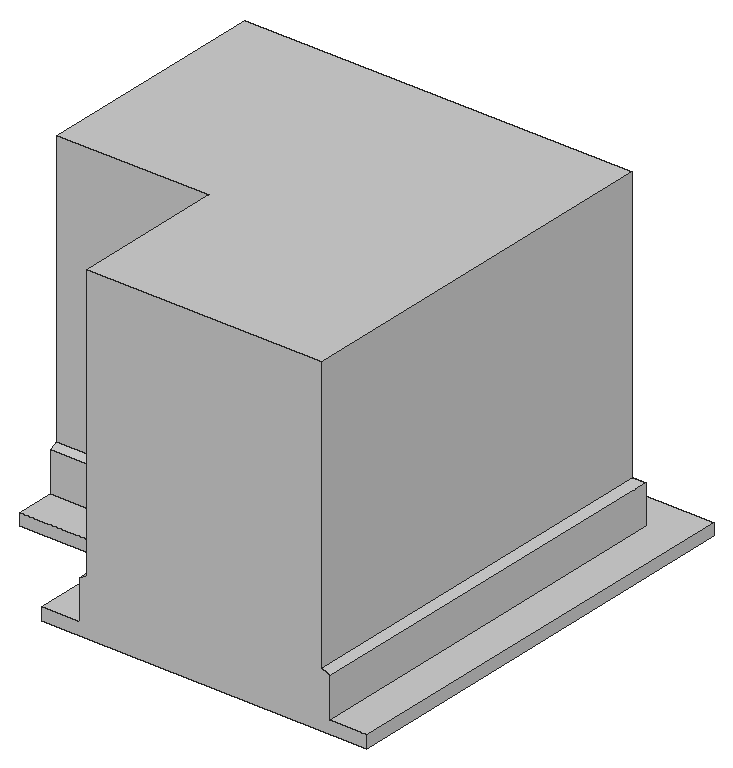
Revit family "LAMP_FIL ACC RECESSED 90º CORNER", category Luminarias, Revit 2015
Parameters (values of type "GREY")
  Weight = 0.18 kg
  Product datasheet = "https://www.lamp.es/product-files/TECH/F5REHCG-EN.pdf"
  Product code = "F5REHCG"
  Modelo = Product code  # "F5REHCG"
  Material = LAMP_Aluminio Perfil Fil GR
  Manufacturer name = "LAMP"
  Manufacturer country = "Spain"
  Manufacturer URL = "http://www.lamp.es/en"
  Last update = "19/08/2020"
  Installation instructions = ""
  Finish = "Gloss grey"
  Fabricante = Manufacturer name  # "LAMP"
  Descripción = "FIL ACC. REC 90º CORNER GR."
  Accessory Type = "Assembly"
Types (2, lengths in mm): name | Product datasheet | Product code | Modelo | Material | Finish | Descripción
  GREY | "https://www.lamp.es/product-files/TECH/F5REHCG-EN.pdf" | "F5REHCG" | "F5REHCG" | LAMP_Aluminio Perfil Fil GR | "Gloss grey" | "FIL ACC. REC 90º CORNER GR."
  WHITE | "https://www.lamp.es/product-files/TECH/F5REHCW-EN.pdf" | "F5REHCW" | "F5REHCW" | LAMP_Aluminio Perfil Fil BL | "Matt white" | "FIL ACC. REC 90º CORNER WH."
Reference planes
  plane 1 "Eje de origen de luz (F/P)": y = 0
  plane 2: z = 0
  plane 3 "Eje de origen de luz (I/D)": x = 0
  plane 4 "Techo": z = 4000
  plane 5 "Elevación de origen de luz": z = 3700
  plane 6: x = 79
  plane 7: y = -80
Forms (mm)
  Sweep 1, solid, material "LAMP_Aluminio Perfil Fil GR" <- "Material"
    path origin (-10, 0, 4000) x (0, 1, 0) y (-1, 0, 0)
      loop
        line (0, -10) -> (0, -90) -> (-80, -90)
    profile origin (40, 0, 4000) x (0, 1, 0) y (0, 0, 1)
      loop
        line (-49, 64.8) -> (-49, 8.936) -> (-50.5, 8) -> (-50.5, 0) -> (-58.2, 0) -> (-58.2, -2.5) -> (8.2, -2.5) -> (8.2, 0) -> (0.5, 0) -> (0.5, 8) -> (-1, 8.936) -> (-1, 64.8) -> (-49, 64.8)
Text (mm)
  text "Any modification of the parameters and properties of the LAMP BIM models must be executed and validated by the LAMP technical department.\n\nPhone: +34 93 736 68 00\n\nE-mail: lamp@lamp.es\n\n\n\nLAMP reserves the right to modify the technical specifications of its products." at (6530.15, -12813.343, 13283.572), in view "Preview"
Dimensions and locks
  equal spacing: host sketch curve, plane 3 "Eje de origen de luz (I/D)", host sketch curve
  equal spacing: host sketch curve, plane 1 "Eje de origen de luz (F/P)", host sketch curve
  host sketch curve to host sketch curve = 4000 mm  (x2)
  locked: plane 4 "Techo" to host ceiling at 0
  plane 3 "Eje de origen de luz (I/D)" to plane 6 = 79 mm
  plane 7 to plane 1 "Eje de origen de luz (F/P)" = 80 mm
  plane 5 "Elevación de origen de luz" to plane 4 "Techo" = 300 mm
  aligned and locked: plane 3 "Eje de origen de luz (I/D)" to Sweep 1
  aligned and locked: plane 7 to Sweep 1
  aligned and locked: plane 6 to Sweep 1
